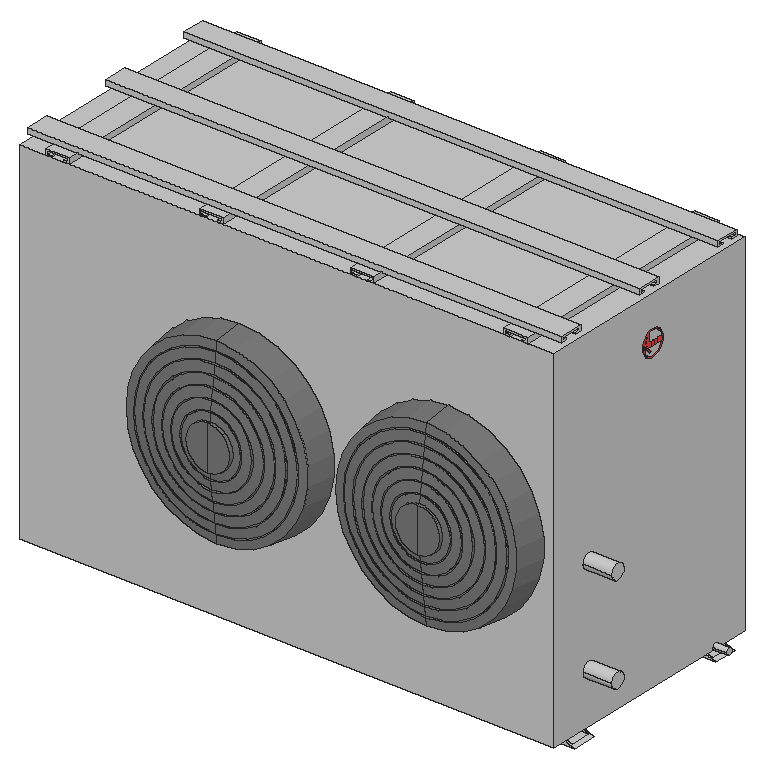
Revit family "Heat-Pump-Rheem-A2W-40kW-Horizontal", category Mechanical Equipment, Revit 2023
Family settings
  Round Connector Dimension = Use Radius
  Part Type = Normal
  OmniClass Number = 23.75.10.21
  OmniClass Title = Heat Pumps
  Work Plane-Based = No
  Always vertical = Yes
  Cut with Voids When Loaded = No
  Maintain Annotation Orientation = No
  Shared = No
  Room Calculation Point = No
Parameters (values of type "953040HS")
  calcTopSupport = if(Show Top Supports, 37 mm, 0 mm)  # 37 mm
  calcFanGuardDepth = 133 mm  # constant formula
  Width_ANZRS = if(Show Fan Frame, 681 mm, 588 mm)  # 588 mm
  Wattage_ANZRS = 40 kW  # constant formula
  Voltage_ANZRS = 230 V
  URL = "https://www.rheem.com.au/products/commercial/commercial-heat-pumps"
  Type Comments = ""
  SupportInsetSide = 66 mm  # constant formula
  Show Top Supports = yes
  Show Fan Frame = no
  ProductCode_ANZRS = "953040HS"
  PowerFactor_ANZRS = 1
  PipeInsetSide = 147 mm  # constant formula
  OutletPipeDiameter = 50 mm  # constant formula
  calcOutletPipeRad = if(1 = 1, OutletPipeDiameter / 2, 0 mm)  # 25 mm
  Model = "Rheem Commercial Air to Water Heat Pump – 40kW Non Ducted & Stacked"
  Material_ANZRS = Rheem-Steel-Grey
  Manufacturer = "Rheem"  # constant formula
  Length_ANZRS = 1805 mm  # constant formula
  InletPipeDiameter = 50 mm  # constant formula
  calcInletPipeRadius = if(1 = 1, InletPipeDiameter / 2, 0 mm)  # 25 mm
  Height_ANZRS = 940 mm  # constant formula
  Description = "Rheem's Commercial Air to Water (A2W) Heat Pump is designed with the commercial user in mind. A truly commercial grade heat pump that delivers hot water at 65°C with a system Coefficient of Performance (COP) up to 4.0. Non ducted models are generally designed for outdoor installations. Non ducted models may be installed indoors, without ducting, if a sufficient supply of heat energy is available. Stackable models allow horizontal discharge units to be stacked two high for reduced footprint."
  Default Elevation = 0 mm
  CreatedBy_ANZRS = "Design Content"  # constant formula
  CreatedByURL_ANZRS = "https://www.designcontent.com.au/"
  BodyWidth = 807 mm  # constant formula
  Assembly Code = ""
  ApparentLoad_ANZRS = Wattage_ANZRS  # 40 kW
Types (4, lengths in mm): name | calcTopSupport | Width_ANZRS | Show Top Supports | Show Fan Frame | ProductCode_ANZRS | Model | Description
  953040H0 | 0 | 588 | no | no | "953040H0" | "Rheem Commercial Air to Water Heat Pump – 40kW Horizontal Discharge & Non Ducted" | "Rheem's Commercial Air to Water (A2W) Heat Pump is designed with the commercial user in mind. A truly commercial grade heat pump that delivers hot water at 65°C with a system Coefficient of Performance (COP) up to 4.0. Non ducted models are generally designed for outdoor installations. Non ducted models may be installed indoors, without ducting, if a sufficient supply of heat energy is available."
  953040HS | 37 | 588 | yes | no | "953040HS" | "Rheem Commercial Air to Water Heat Pump – 40kW Non Ducted & Stacked" | "Rheem's Commercial Air to Water (A2W) Heat Pump is designed with the commercial user in mind. A truly commercial grade heat pump that delivers hot water at 65°C with a system Coefficient of Performance (COP) up to 4.0. Non ducted models are generally designed for outdoor installations. Non ducted models may be installed indoors, without ducting, if a sufficient supply of heat energy is available. Stackable models allow horizontal discharge units to be stacked two high for reduced footprint."
  952040H0 | 0 | 681 | no | yes | "952040H0" | "Rheem Commercial Air to Water Heat Pump – 40kW Horizontal Discharge & Ducted" | "Rheem's Commercial Air to Water (A2W) Heat Pump is designed with the commercial user in mind. A truly commercial grade heat pump that delivers hot water at 65°C with a system Coefficient of Performance (COP) up to 4.0. Ducted models are designed to be connected to ducting to convey cold discharge air away from the heat pump air inlet if a sufficient supply of heat energy is not available in the installation area."
  952040HS | 37 | 681 | yes | yes | "952040HS" | "Rheem Commercial Air to Water Heat Pump – 40kW Ducted & Stacked" | "Rheem's Commercial Air to Water (A2W) Heat Pump is designed with the commercial user in mind. A truly commercial grade heat pump that delivers hot water at 65°C with a system Coefficient of Performance (COP) up to 4.0. Ducted models are designed to be connected to ducting to convey cold discharge air away from the heat pump air inlet if a sufficient supply of heat energy is not available in the installation area. Stackable models allow horizontal discharge units to be stacked two high for reduced footprint."
Reference planes
  plane 1 "Center (Front/Back)": y = 0
  plane 2: z = 0
  plane 3 "Center (Left/Right)": x = 0
  plane 4 "Back": y = 403.5
  plane 5 "Front": y = -403.5
  plane 6 "Left": x = -902.5
  plane 7 "Right": x = 902.5
  plane 8: z = 47
  plane 9 "HEIGHT": z = 1242
  plane 10 "Inlet": z = 222.5
  plane 11 "Outlet": z = 551.5
  plane 12: y = 401.5
  plane 13: x = 846.5
  plane 14: x = -787.5
  plane 15: y = -473.5
  plane 16: x = 1002.5
  plane 17 "Pipe Connectors": y = -256.5
  plane 18: x = -550.5
  plane 19: y = -337.5
  plane 20: y = 337.5
  plane 21 "CompAccess1": y = 227.5
  plane 22 "CompAccess2": y = -330.5
  plane 23: x = 549.5
  plane 24: x = -160.5
  plane 25: z = 23.5
  plane 26: x = 952.5
  plane 27: z = 1279
  plane 28: x = 922.5
Forms (mm)
  Extrusion 1, solid, material "Rheem-Steel-Grey" <- "Material_ANZRS", detail levels medium+fine
    sketch origin (0, 0, 0) x (1, 0, 0) y (0, 1, 0)
      loop
        line (-902.5, 401.5) -> (-902.5, -403.5) -> (902.5, -403.5) -> (902.5, 401.5) -> (-902.5, 401.5)
    from 47 to 1242
  Extrusion 2, solid, material "Rheem-Steel-Grey" <- "Material_ANZRS", detail levels medium+fine
    sketch origin (0, 0, 0) x (1, 0, 0) y (0, 0, 1)
      loop
        line (-902.5, 1242) -> (-902.5, 47) -> (-14.281, 47) -> (902.5, 47) -> (902.5, 1242) -> (-902.5, 1242)
      loop
        line (-787.5, 67) -> (19.5, 67) -> (19.5, 611) -> (-787.5, 611) -> (-787.5, 67)
      loop
        line (-787.5, 1222) -> (-787.5, 631) -> (19.5, 631) -> (19.5, 1222) -> (-787.5, 1222)
      loop
        line (846.5, 1222) -> (39.5, 1222) -> (39.5, 631) -> (846.5, 631) -> (846.5, 1222)
      loop
        line (39.5, 67) -> (846.5, 67) -> (846.5, 611) -> (39.5, 611) -> (39.5, 67)
    from -403.5 to -401.5
  Extrusion 3, solid, material "Rheem-Steel-Grey" <- "Material_ANZRS"
    sketch origin (0, 111.908, 381.979) x (0, -1, 0) y (0, 0, 1)
      loop
        circle (368.408, -159.479) r 25
      loop
        circle (368.408, 169.521) r 25
    from -902.5 to -1002.5
  Extrusion 4, solid, material "Rheem-Steel-Grey" <- "Material_ANZRS", visible <- "Show Fan Frame"
    sketch origin (0, -403.5, 0) x (-1, 0, 0) y (0, 0, -1)
      loop
        line (550.5, -1003.5) -> (550.5, -279.5) -> (-902.5, -279.5) -> (-902.5, -1003.5) -> (550.5, -1003.5)
      loop
        line (545.5, -998.5) -> (545.5, -284.5) -> (-897.5, -284.5) -> (-897.5, -998.5) -> (545.5, -998.5)
    from 0 to 70
  Extrusion 5, solid, material "Rheem-Steel-Grey" <- "Material_ANZRS", detail levels medium+fine
    sketch origin (0, 0, 0) x (1, 0, 0) y (0, 0, 1)
      loop
        line (-902.5, 5) -> (-927.5, 5) -> (-927.5, 0) -> (-897.5, 0) -> (-897.5, 18.5) -> (-827.5, 18.5) -> (-827.5, 0) -> (-797.5, 0) -> (-797.5, 5) -> (-822.5, 5) -> (-822.5, 23.5) -> (-902.5, 23.5) -> (-902.5, 5)
    from -337.5 to 337.5
  Extrusion 6, solid, material "Rheem-Steel-Grey-Perforated", detail levels medium+fine
    sketch origin (-575, 357.5, 0) x (1, 0, 0) y (0, 0, -1)
      loop
        line (1421.5, -1222) -> (1421.5, -631) -> (614.5, -631) -> (614.5, -1222) -> (1421.5, -1222)
      loop
        line (1421.5, -67) -> (614.5, -67) -> (614.5, -611) -> (1421.5, -611) -> (1421.5, -67)
      loop
        line (-212.5, -611) -> (594.5, -611) -> (594.5, -67) -> (-212.5, -67) -> (-212.5, -611)
      loop
        line (594.5, -1222) -> (594.5, -631) -> (-212.5, -631) -> (-212.5, -1222) -> (594.5, -1222)
    from 44 to 46
  Extrusion 7, solid, material "Rheem-Steel-Grey" <- "Material_ANZRS"
    sketch origin (902.5, 0, 0) x (0, -1, 0) y (0, 0, -1)
      loop
        circle (-277.5, -57) r 10
    from 0 to 50
  Extrusion 8, solid, detail levels medium+fine
    sketch origin (-902.5, 0, 425) x (0, -1, 0) y (0, 0, 1)
      loop
        circle (367, 725) r 15
      loop
        circle (367.008, 675) r 15
      loop
        circle (367.008, 625) r 15
      loop
        circle (367.008, 575) r 15
    from 0 to 5
  Extrusion 9, solid, material "Rheem-Steel-Grey" <- "Material_ANZRS", detail levels coarse
    sketch origin (0, 0, 1242) x (-1, 0, 0) y (0, -1, 0)
      loop
        line (902.5, -403.5) -> (902.5, 403.5) -> (-902.5, 403.5) -> (-902.5, -403.5) -> (902.5, -403.5)
    from -1242 to 37
  Extrusion 10, solid, material "Rheem-Steel-Grey" <- "Material_ANZRS", detail levels medium+fine
    sketch origin (0, 0, 0) x (0, 1, 0) y (0, 0, 1)
      loop
        line (362.5, 47) -> (332.5, 47) -> (332.5, 28.5) -> (262.481, 28.5) -> (262.481, 47) -> (232.395, 47) -> (232.395, 42) -> (257.395, 42) -> (257.395, 23.5) -> (337.5, 23.5) -> (337.5, 42) -> (362.5, 42) -> (362.5, 47)
      loop
        line (-232.395, 47) -> (-262.395, 47) -> (-262.395, 28.5) -> (-332.414, 28.5) -> (-332.414, 47) -> (-362.5, 47) -> (-362.5, 42) -> (-337.5, 42) -> (-337.5, 23.5) -> (-257.395, 23.5) -> (-257.395, 42) -> (-232.395, 42) -> (-232.395, 47)
    from -902.5 to 922.5
  Extrusion 11, void
    sketch origin (0, 0, 0) x (-1, 0, 0) y (0, 0, -1)
      loop
        line (-922.5, -23.5) -> (-922.5, -47) -> (-859.96, -47) -> (-922.5, -23.5)
    from -362.5 to 362.5
  Extrusion 12, solid, material "Rheem-Steel-Grey" <- "Material_ANZRS", visible <- "Show Top Supports", detail levels medium+fine
    sketch origin (0, 0, 0) x (1, 0, 0) y (0, 0, 1)
      loop
        line (-815.141, 1242) -> (-795.141, 1242) -> (-795.141, 1247) -> (-810.141, 1247) -> (-810.141, 1255.5) -> (-740.141, 1255.5) -> (-740.141, 1247) -> (-755.141, 1247) -> (-755.141, 1242) -> (-735.141, 1242) -> (-735.141, 1260.5) -> (-815.141, 1260.5) -> (-815.141, 1242)
      loop
        line (735.141, 1242) -> (755.141, 1242) -> (755.141, 1247) -> (740.141, 1247) -> (740.141, 1255.5) -> (810.141, 1255.5) -> (810.141, 1247) -> (795.141, 1247) -> (795.141, 1242) -> (815.141, 1242) -> (815.141, 1260.5) -> (735.141, 1260.5) -> (735.141, 1242)
      loop
        line (-215.141, 1242) -> (-215.141, 1260.5) -> (-295.141, 1260.5) -> (-295.141, 1242) -> (-275.141, 1242) -> (-275.141, 1247) -> (-290.141, 1247) -> (-290.141, 1255.5) -> (-220.141, 1255.5) -> (-220.141, 1247) -> (-235.141, 1247) -> (-235.141, 1242) -> (-215.141, 1242)
      loop
        line (215.141, 1242) -> (235.141, 1242) -> (235.141, 1247) -> (220.141, 1247) -> (220.141, 1255.5) -> (290.141, 1255.5) -> (290.141, 1247) -> (275.141, 1247) -> (275.141, 1242) -> (295.141, 1242) -> (295.141, 1260.5) -> (215.141, 1260.5) -> (215.141, 1242)
    from -403.5 to 403.5
  Extrusion 13, solid, material "Rheem-Steel-Grey" <- "Material_ANZRS", visible <- "Show Top Supports", detail levels medium+fine
    sketch origin (23.5, 184.859, 18.5) x (0, -1, 0) y (0, 0, 1)
      loop
        line (475.134, 1242) -> (495.134, 1242) -> (495.134, 1247) -> (480.134, 1247) -> (480.134, 1255.5) -> (550.134, 1255.5) -> (550.134, 1247) -> (535.134, 1247) -> (535.134, 1242) -> (555.134, 1242) -> (555.134, 1260.5) -> (475.134, 1260.5) -> (475.134, 1242)
      loop
        line (-105.417, 1242) -> (-105.417, 1260.5) -> (-185.417, 1260.5) -> (-185.417, 1242) -> (-165.417, 1242) -> (-165.417, 1247) -> (-180.417, 1247) -> (-180.417, 1255.5) -> (-110.417, 1255.5) -> (-110.417, 1247) -> (-125.417, 1247) -> (-125.417, 1242) -> (-105.417, 1242)
      loop
        line (224.859, 1242) -> (224.859, 1260.5) -> (144.859, 1260.5) -> (144.859, 1242) -> (164.859, 1242) -> (164.859, 1247) -> (149.859, 1247) -> (149.859, 1255.5) -> (219.859, 1255.5) -> (219.859, 1247) -> (204.859, 1247) -> (204.859, 1242) -> (224.859, 1242)
    from -879 to 926
Cuts and joins
  Extrusion 11 cuts Extrusion 1
  Extrusion 11 cuts Extrusion 2
  joined: Extrusion 1, Extrusion 2
  Extrusion 11 cuts Extrusion 9
  Extrusion 11 cuts Extrusion 10
Lines and regions (mm)
  Split face 1
    outline origin (-902.5, 401.5, 1242) x (0, 1, 0) y (0, 0, -1)
      loop
        line (-174, 1) -> (-174, 1194) -> (-732, 1194) -> (-732, 1) -> (-174, 1)
  Split face 2
    outline origin (902.5, 401.5, 47) x (0, 1, 0) y (0, 0, 1)
      loop
        line (-601, 1194) -> (-601, 1) -> (-173, 1) -> (-173, 1194) -> (-601, 1194)
  model lines, detail levels medium+fine
    curve 1: line (702.5, 303.5, 1242) -> (-702.5, 303.5, 1242)
    curve 2: line (802.5, -203.5, 1242) -> (802.5, 203.5, 1242)
    curve 3: line (-702.5, -303.5, 1242) -> (702.5, -303.5, 1242)
    curve 4: line (-802.5, 203.5, 1242) -> (-802.5, -203.5, 1242)
    curve 5: arc (-702.5, 303.5, 1242) -> (-773.211, 274.211, 1242) -> (-802.5, 203.5, 1242) r 100
    curve 6: arc (-802.5, -203.5, 1242) -> (-773.211, -274.211, 1242) -> (-702.5, -303.5, 1242) r 100
    curve 7: arc (802.5, -203.5, 1242) -> (773.211, -274.211, 1242) -> (702.5, -303.5, 1242) r 100
    curve 8: arc (802.5, 203.5, 1242) -> (773.211, 274.211, 1242) -> (702.5, 303.5, 1242) r 100
Dimensions and locks
  equal spacing: plane 6 "Left", plane 3 "Center (Left/Right)", plane 7 "Right"
  equal spacing: plane 4 "Back", plane 1 "Center (Front/Back)", plane 5 "Front"
  "BodyWidth": plane 4 "Back" to plane 5 "Front"
  "Length_ANZRS": plane 6 "Left" to plane 7 "Right"
  locked: plane 10 "Inlet" to plane 25 at 199
  locked: plane 11 "Outlet" to plane 10 "Inlet" at 329
  locked: plane 4 "Back" to plane 12 at 2
  locked: plane 8 to Extrusion 2 sketch curve at 20
  locked: Extrusion 2 sketch curve to plane 9 "HEIGHT" at 20
  locked: plane 16 to plane 7 "Right" at 100
  locked: plane 18 to plane 7 "Right" at 1453
  locked: plane 15 to plane 5 "Front" at 70
  locked: Extrusion 4 sketch curve to Extrusion 4 sketch curve at 5  (x2)
  locked: plane 7 "Right" to Extrusion 4 sketch curve at 5
  locked: Extrusion 4 sketch curve to plane 18 at 5
  locked: Extrusion 4 sketch curve to plane 25 at 256
  "PipeInsetSide": plane 5 "Front" to plane 17 "Pipe Connectors"
  Extrusion 5 sketch curve to plane 6 "Left" to Extrusion 5 sketch curve to Extrusion 5 sketch curve to Extrusion 5 sketch curve to Extrusion 5 sketch curve = 25 mm locked, 5 mm locked, 70 mm locked, 5 mm locked, 25 mm locked
  Extrusion 5 sketch curve to Extrusion 5 sketch curve to plane 2 = 0 mm locked, 5 mm locked
  "SupportInsetSide": plane 5 "Front" to plane 19
  "SupportInsetSide": plane 20 to plane 4 "Back"
  locked: plane 9 "HEIGHT" to Split face 1 sketch curve at 1
  locked: Split face 1 sketch curve to plane 8 at 1
  locked: plane 13 to plane 7 "Right" at 56
  locked: plane 6 "Left" to plane 14 at 115
  locked: plane 9 "HEIGHT" to plane 8 at 1195
  locked: plane 24 to plane 23 at 710
  locked: plane 7 "Right" to plane 23 at 353
  equal spacing: plane 8, plane 25, plane 2
  locked: plane 25 to Extrusion 5 sketch curve at 5
  locked: plane 5 "Front" to Split face 2 sketch curve at 204
  Split face 2 sketch curve to plane 4 "Back" = 175 mm
  locked: plane 9 "HEIGHT" to Split face 2 sketch curve at 1
  locked: Split face 2 sketch curve to plane 8 at 1
  locked: Extrusion 7 sketch curve to plane 8 at 10
  equal spacing: plane 16, plane 26, plane 7 "Right"
  equal spacing: plane 22 "CompAccess2", Extrusion 8 sketch curve, plane 5 "Front"
  locked: plane 9 "HEIGHT" to nested 1 at 150
  locked: plane 8 to Extrusion 10 sketch curve at 5  (x2)
  locked: Extrusion 10 sketch curve to plane 25 at 5  (x2)
  Extrusion 10 sketch curve to plane 20 to Extrusion 10 sketch curve to Extrusion 10 sketch curve to Extrusion 10 sketch curve to Extrusion 10 sketch curve = 25 mm locked, 5 mm locked, 70.019 mm locked, 5.086 mm locked, 25 mm locked
  locked: plane 6 "Left" to plane 28 at 1825
  locked: plane 4 "Back" to Extrusion 7 sketch curve at 126
  locked: plane 22 "CompAccess2" to plane 5 "Front" at 73
  locked: plane 21 "CompAccess1" to plane 22 "CompAccess2" at 558
  equal spacing: plane 21 "CompAccess1", nested 1, plane 22 "CompAccess2"
  Extrusion 10 sketch curve to Extrusion 10 sketch curve to Extrusion 10 sketch curve to Extrusion 10 sketch curve to Extrusion 10 sketch curve to Extrusion 10 sketch curve = 25 mm locked, 5 mm locked, 70.019 mm locked, 5.086 mm locked, 25 mm locked
  locked: Extrusion 4 sketch curve to Extrusion 4 sketch curve at 724
  equal spacing: Extrusion 4, nested 2, Extrusion 4
  plane 9 "HEIGHT" to nested 4 = 150 mm
  equal spacing: Split face 2, nested 4, Split face 2
  locked: plane 8 to plane 2 at 47
  "calcTopSupport": plane 27 to plane 9 "HEIGHT"
  locked: Extrusion 12 sketch curve to plane 9 "HEIGHT" at 18.5  (x4)
  Extrusion 12 sketch curve to Extrusion 12 sketch curve to plane 9 "HEIGHT" = 8.5 mm locked, 5 mm locked  (x4)
  Extrusion 13 sketch curve to Extrusion 13 sketch curve to Extrusion 13 sketch curve to Extrusion 13 sketch curve to plane 9 "HEIGHT" = 5 mm locked, 8.5 mm locked, 5 mm locked, 18.5 mm locked  (x2)
  Extrusion 13 sketch curve to Extrusion 13 sketch curve to Extrusion 13 sketch curve to Extrusion 13 sketch curve to plane 9 "HEIGHT" = 5 mm locked, 8.5 mm locked, 5 mm locked, 18.5 mm
  "calcOutletPipeRad": radius of Extrusion 3 sketch curve
  "calcInletPipeRadius": radius of Extrusion 3 sketch curve
  radius of Extrusion 7 sketch curve = 10 mm
  aligned and locked: level to plane 2
  aligned and locked: Extrusion 1 sketch curve to plane 6 "Left"
  aligned and locked: Extrusion 1 sketch curve to plane 7 "Right"
  aligned and locked: plane 9 "HEIGHT" to Extrusion 1
  aligned and locked: Extrusion 1 to plane 8
  aligned and locked: plane 5 "Front" to Extrusion 1
  aligned and locked: Extrusion 1 sketch curve to plane 12
  aligned and locked: cut or joined group of Extrusion 1, Extrusion 2, Extrusion 11 to plane 12
  aligned and locked: plane 4 "Back" to cut or joined group of Extrusion 1, Extrusion 2, Extrusion 11
  aligned and locked: Extrusion 2 sketch curve to plane 13
  aligned and locked: plane 14 to Extrusion 2 sketch curve
  aligned and locked: plane 18 to Extrusion 4 sketch curve
  aligned and locked: Extrusion 4 sketch curve to plane 7 "Right"
  aligned and locked: Extrusion 3 to plane 7 "Right"
  aligned and locked: Extrusion 4 to plane 15
  aligned and locked: Extrusion 4 to plane 5 "Front"
  aligned and locked: Extrusion 5 sketch curve to plane 6 "Left"
  aligned and locked: plane 2 to Extrusion 5 sketch curve  (x2)
  aligned and locked: Extrusion 5 to plane 19
  aligned and locked: plane 20 to Extrusion 5
  aligned and locked: Split face 1 sketch curve to plane 22 "CompAccess2"
  aligned and locked: Split face 1 sketch curve to plane 21 "CompAccess1"
  aligned and locked: plane 11 "Outlet" to Extrusion 3 sketch curve
  aligned and locked: plane 17 "Pipe Connectors" to Extrusion 3 sketch curve  (x2)
  aligned and locked: plane 10 "Inlet" to Extrusion 3 sketch curve
  aligned and locked: Extrusion 6 to plane 13
  aligned and locked: plane 14 to Extrusion 6
  aligned and locked: Extrusion 6 to plane 12
  aligned and locked: plane 4 "Back" to Extrusion 6
  aligned and locked: cut or joined group of Extrusion 1, Extrusion 2, Extrusion 11 to Extrusion 6
  aligned and locked: plane 24 to nested 2
  aligned and locked: nested 3 to plane 23
  aligned and locked: Extrusion 5 sketch curve to plane 25
  aligned and locked: Extrusion 7 to cut or joined group of Extrusion 1, Extrusion 2, Extrusion 11
  aligned and locked: plane 26 to Extrusion 7
  aligned and locked: Extrusion 8 to cut or joined group of Extrusion 1, Extrusion 2, Extrusion 11
  aligned and locked: Extrusion 9 sketch curve to plane 4 "Back"
  aligned and locked: Extrusion 9 sketch curve to plane 5 "Front"
  aligned and locked: Extrusion 9 sketch curve to plane 7 "Right"
  aligned and locked: Extrusion 9 sketch curve to plane 6 "Left"
  aligned and locked: Extrusion 9 to plane 2
  aligned and locked: plane 27 to Extrusion 9
  aligned and locked: Extrusion 10 sketch curve to plane 25  (x2)
  aligned and locked: plane 6 "Left" to Extrusion 10
  aligned and locked: Extrusion 2 sketch curve to Extrusion 6  (x2)
  aligned and locked: plane 16 to Extrusion 3
  aligned and locked: nested 3 to nested 2
  aligned and locked: Extrusion 11 sketch curve to plane 28
  aligned and locked: plane 5 "Front" to Extrusion 12
  aligned and locked: plane 4 "Back" to Extrusion 12
  aligned and locked: Extrusion 12 sketch curve to Extrusion 12 sketch curve  (x8)
  aligned and locked: Extrusion 13 sketch curve to Extrusion 13 sketch curve  (x6)
  aligned and locked: plane 6 "Left" to Extrusion 13
  aligned and locked: plane 7 "Right" to Extrusion 13
Automatic sketch dimensions
  plane 5 "Front" to Extrusion 1 sketch curve = 0 mm
  plane 6 "Left" to Extrusion 2 sketch curve = 0 mm
  plane 14 to Extrusion 2 sketch curve = 0 mm
  Extrusion 2 sketch curve to plane 8 = 0 mm
  plane 13 to Extrusion 2 sketch curve = 0 mm
  Extrusion 2 sketch curve to plane 7 "Right" = 0 mm
  Extrusion 2 sketch curve to plane 9 "HEIGHT" = 0 mm
  Extrusion 2 sketch curve to plane 3 "Center (Left/Right)" = 14.281 mm
  plane 3 "Center (Left/Right)" to Extrusion 2 sketch curve = 19.5 mm
  Extrusion 2 sketch curve to Extrusion 2 sketch curve = 20 mm  (x2)
  plane 8 to Extrusion 2 sketch curve = 20 mm
  plane 11 "Outlet" to Extrusion 2 sketch curve = 59.5 mm  (x2)
  Extrusion 2 sketch curve to Extrusion 2 sketch curve = 0 mm
  Extrusion 2 sketch curve to plane 9 "HEIGHT" = 20 mm
  curve 4 to Extrusion 2 = 100 mm
  curve 4 to curve 3 = 100 mm
  curve 5 to curve 1 = 100 mm
  curve 3 to Extrusion 2 = 200 mm
  curve 1 to Extrusion 2 = 98 mm
  curve 1 to Extrusion 2 = 200 mm
  curve 7 to curve 2 = 100 mm
  curve 7 to curve 8 = 407 mm
  plane 14 to Extrusion 6 sketch curve = 0 mm  (x2)
  plane 13 to Extrusion 6 sketch curve = 0 mm  (x2)
  plane 3 "Center (Left/Right)" to Extrusion 6 sketch curve = 19.5 mm  (x2)
  Extrusion 6 sketch curve to Extrusion 6 sketch curve = 20 mm  (x3)
  Extrusion 6 sketch curve to plane 9 "HEIGHT" = 20 mm  (x2)
  plane 11 "Outlet" to Extrusion 6 sketch curve = 79.5 mm  (x2)
  Extrusion 6 sketch curve to Extrusion 6 sketch curve = 0 mm  (x2)
  plane 8 to Extrusion 6 sketch curve = 20 mm
  Extrusion 8 sketch curve to plane 19 = 29.508 mm  (x3)
  Extrusion 8 sketch curve to plane 9 "HEIGHT" = 242 mm
  Extrusion 8 sketch curve to Extrusion 8 sketch curve = 50 mm  (x3)
  Extrusion 10 sketch curve to plane 8 = 0 mm  (x4)
  Extrusion 10 sketch curve to plane 19 = 0 mm
  Extrusion 10 sketch curve to plane 20 = 0 mm
  Extrusion 10 sketch curve to plane 8 = 5 mm  (x2)
  Extrusion 11 sketch curve to plane 8 = 0 mm
  Extrusion 11 sketch curve to plane 25 = 0 mm
  Extrusion 11 sketch curve to plane 13 = 13.46 mm
  Extrusion 12 sketch curve to plane 9 "HEIGHT" = 0 mm  (x4)
  plane 14 to Extrusion 12 sketch curve = 27.641 mm
  Extrusion 12 sketch curve to Extrusion 12 sketch curve = 5 mm  (x8)
  plane 14 to Extrusion 12 sketch curve = 7.641 mm
  Extrusion 12 sketch curve to plane 14 = 32.359 mm
  Extrusion 12 sketch curve to Extrusion 12 sketch curve = 15 mm  (x7)
  plane 24 to Extrusion 12 sketch curve = 134.641 mm
  Extrusion 12 sketch curve to Extrusion 12 sketch curve = 40 mm  (x3)
  plane 3 "Center (Left/Right)" to Extrusion 12 sketch curve = 215.141 mm
  plane 13 to Extrusion 12 sketch curve = 111.359 mm
  Extrusion 13 sketch curve to plane 12 = 31.224 mm
  Extrusion 13 sketch curve to Extrusion 13 sketch curve = 5 mm  (x6)
  plane 20 to Extrusion 13 sketch curve = 12.776 mm
  Extrusion 13 sketch curve to plane 20 = 27.224 mm
  Extrusion 13 sketch curve to Extrusion 13 sketch curve = 15 mm  (x5)
  Extrusion 13 sketch curve to plane 1 "Center (Front/Back)" = 40 mm
  plane 1 "Center (Front/Back)" to Extrusion 13 sketch curve = 20 mm
  plane 17 "Pipe Connectors" to Extrusion 13 sketch curve = 33.776 mm
  Extrusion 13 sketch curve to plane 19 = 12.776 mm
  radius of Extrusion 8 sketch curve = 15 mm  (x4)
Nested families
  nested 1: "X_Rheem Logo" at (-902.5, -51.5, 1092) x (0, -1, 0) z (-1, 0, 0), type "Standard", detail levels fine
  nested 2: "X_Rheem_FanGuard" at (-160.5, -403.5, 641.5) x (-1, 0, 0) z (0, -1, 0), type "Standard"
    with FanGuardRad 320 mm, FanGuardHead 10 mm, FanGuardDepth 133 mm
  nested 3: "X_Rheem_FanGuard" at (549.5, -403.5, 641.5) x (-1, 0, 0) z (0, -1, 0), type "Standard"
    with FanGuardRad 320 mm, FanGuardHead 10 mm, FanGuardDepth 133 mm
  nested 4: "X_Rheem Logo" at (902.5, 14.5, 1092) x (0, 1, 0) z (1, 0, 0), type "Standard", detail levels fine
Connectors
  piping at (1002.5, -256.5, 222.5), diameter 50, driven by "calcInletPipeRadius"
    settings: on Extrusion 3, index 9, connector inside diameter 20 mm, connector length 0 mm, flow factor 0, pipe flow 0.0 L/s, pressure drop 0.0 Pa, fitting loss kfactor 0, connector angle 0.00°, fixture units 0, engagement length 0 mm, angle of deflection 0.00°, flow configuration 1, flow direction 1, fitting loss method 0, system type 20, joint type 0, gender type 0, connector reference index -1, connector utility 0, adjustable connector no, is connector primary yes, connector description "Water In"
  piping at (1002.5, -256.5, 222.5), diameter 50, driven by "calcOutletPipeRad"
    settings: on Extrusion 3, index 10, connector inside diameter 20 mm, connector length 0 mm, flow factor 0, pipe flow 0.0 L/s, pressure drop 0.0 Pa, fitting loss kfactor 0, connector angle 0.00°, fixture units 0, engagement length 0 mm, angle of deflection 0.00°, flow configuration 1, flow direction 1, fitting loss method 0, system type 20, joint type 0, gender type 0, connector reference index -1, connector utility 0, adjustable connector no, is connector primary no, connector description "Water In"
  piping at (952.5, 277.5, 57), diameter 20
    settings: on Extrusion 7, index 11, connector inside diameter 609.6 mm, connector length 0 mm, flow factor 0, pipe flow 0.0 L/s, pressure drop 0.0 Pa, fitting loss kfactor 0, connector angle 0.00°, fixture units 0, engagement length 0 mm, angle of deflection 0.00°, flow configuration 1, flow direction 2, fitting loss method 0, system type 16, joint type 0, gender type 0, connector reference index -1, connector utility 0, adjustable connector no, is connector primary no, connector description ""
  electrical at (-902.5, -367, 1150), driven by "Voltage_ANZRS", driven by "ApparentLoad_ANZRS", driven by "PowerFactor_ANZRS"
    settings: on Extrusion 8, index 12, voltage 230 V, apparent load 40 kW, apparent load phase1 0 kW, apparent load phase2 0 kW, apparent load phase3 0 kW, power factor 1, load classification "Power", number of poles 1, system type 30, power factor state 1, is connector primary yes, connector utility no, sub classification motor no, connector description ""
  electrical at (-902.5, -367.008, 1100), driven by "Voltage_ANZRS", driven by "ApparentLoad_ANZRS", driven by "PowerFactor_ANZRS"
    settings: on Extrusion 8, index 13, voltage 230 V, apparent load 40 kW, apparent load phase1 0 kW, apparent load phase2 0 kW, apparent load phase3 0 kW, power factor 1, load classification "Power", number of poles 1, system type 30, power factor state 1, is connector primary no, connector utility no, sub classification motor no, connector description ""
  electrical at (-902.5, -367.008, 1050), driven by "Voltage_ANZRS", driven by "ApparentLoad_ANZRS", driven by "PowerFactor_ANZRS"
    settings: on Extrusion 8, index 14, voltage 230 V, apparent load 40 kW, apparent load phase1 0 kW, apparent load phase2 0 kW, apparent load phase3 0 kW, power factor 1, load classification "Power", number of poles 1, system type 30, power factor state 1, is connector primary no, connector utility no, sub classification motor no, connector description ""
  electrical at (-902.5, -367.008, 1000), driven by "Voltage_ANZRS", driven by "ApparentLoad_ANZRS", driven by "PowerFactor_ANZRS"
    settings: on Extrusion 8, index 15, voltage 230 V, apparent load 40 kW, apparent load phase1 0 kW, apparent load phase2 0 kW, apparent load phase3 0 kW, power factor 1, load classification "Power", number of poles 1, system type 30, power factor state 1, is connector primary no, connector utility no, sub classification motor no, connector description ""
  piping at (1002.5, -256.5, 551.5), diameter 50, driven by "calcInletPipeRadius"
    settings: on Extrusion 3, index 16, connector inside diameter 609.6 mm, connector length 0 mm, flow factor 0, pipe flow 0.0 L/s, pressure drop 0.0 Pa, fitting loss kfactor 0, connector angle 0.00°, fixture units 0, engagement length 0 mm, angle of deflection 0.00°, flow configuration 1, flow direction 2, fitting loss method 0, system type 19, joint type 0, gender type 0, connector reference index -1, connector utility 0, adjustable connector no, is connector primary no, connector description "Water Out"
Definition of nested family "X_Rheem Logo"
  Parameters (values of type "Standard")
    Default Elevation = 1219.2 mm
    Assembly Code = ""
  Reference planes
    plane 1 "Center (Front/Back)": y = 0
    plane 2: z = 0
    plane 3 "Center (Left/Right)": x = 0
  Forms (mm)
    Extrusion 1, solid
      sketch origin (0, 0, 0) x (1, 0, 0) y (0, 1, 0)
        loop
          line (-1219.2, 1219.2) -> (-1219.2, -1219.2) -> (1219.2, -1219.2) -> (1219.2, 1219.2) -> (-1219.2, 1219.2)
      from 0 to -304.8
    Extrusion 2, solid
      sketch origin (0, 0, 0) x (1, 0, 0) y (0, 1, 0)
        loop
          arc (-33.529, -21.813) -> (38.36, -11.338) -> (-16.283, 36.536) r 40
          line (-16.283, 36.536) -> (-16.283, 5.397)
          arc (-16.283, 5.397) -> (-14.75, 6.901) -> (-12.662, 7.405) r 4.033
          arc (-12.662, 7.405) -> (-9.852, 6.403) -> (-8.561, 3.712) r 3.918
          line (-8.561, 3.712) -> (-8.561, -8.033) -> (-11.525, -8.033) -> (-11.525, 1.806)
          arc (-11.525, 1.806) -> (-12.858, 4.057) -> (-15.428, 3.572) r 2.279
          arc (-15.428, 3.572) -> (-15.988, 2.759) -> (-16.246, 1.806) r 2.925
          line (-16.246, 1.806) -> (-16.246, -8.079) -> (-19.645, -8.079) -> (-19.645, 34.843)
          arc (-19.645, 34.843) -> (-26.644, 29.834) -> (-32.41, 23.444) r 40
          arc (-32.41, 23.444) -> (-21.103, 13.87) -> (-28.782, 1.2) r 11.411
          line (-28.782, 1.2) -> (-7.321, -24.919) -> (-11.462, -24.919) -> (-31.83, -0.131) -> (-31.83, -21.813) -> (-33.529, -21.813)
        loop
          line (-35.017, -19.335) -> (-35.017, 19.335)
          arc (-35.017, 19.335) -> (-40, 0) -> (-35.017, -19.335) r 40
        loop
          line (19.37, -8.097) -> (22.563, -8.097) -> (22.563, 2.258)
          spline (22.563, 2.258) -> (22.878, 3.103) -> (23.24, 3.526) -> (23.639, 3.818) -> (24.082, 3.997) -> (24.556, 4.074) -> (25.034, 4.068) -> (25.491, 3.983) -> (25.903, 3.817) -> (26.238, 3.56) -> (26.492, 3.191) -> (26.717, 2.639) -> (26.9, 1.6)
          line (26.9, 1.6) -> (26.9, -8.097) -> (29.854, -8.097) -> (29.854, 2.258)
          spline (29.854, 2.258) -> (30.181, 3.064) -> (30.553, 3.474) -> (30.969, 3.74) -> (31.419, 3.936) -> (31.889, 4.059) -> (32.364, 4.078) -> (32.821, 3.995) -> (33.233, 3.826) -> (33.568, 3.567) -> (33.822, 3.195) -> (34.048, 2.639) -> (34.231, 1.594)
          line (34.231, 1.594) -> (34.231, -8.097) -> (37.174, -8.097) -> (37.174, 3.718)
          spline (37.174, 3.718) -> (36.65, 5.383) -> (35.957, 6.159) -> (35.415, 6.563) -> (34.941, 6.826) -> (34.394, 7.032) -> (33.695, 7.17) -> (32.91, 7.2) -> (32.152, 7.119) -> (31.53, 6.952) -> (31.006, 6.67) -> (30.429, 6.179) -> (29.566, 5.166)
          spline (29.566, 5.166) -> (28.777, 6.078) -> (28.276, 6.494) -> (27.782, 6.788) -> (27.231, 7.014) -> (26.621, 7.177) -> (26.085, 7.261) -> (25.622, 7.26) -> (25.015, 7.185) -> (24.376, 7.012) -> (23.849, 6.722) -> (23.308, 6.304) -> (22.552, 5.275)
          line (22.552, 5.275) -> (22.552, 6.926) -> (19.37, 6.926) -> (19.37, -8.097)
        loop
          line (-4.051, 1.414) -> (2.029, 1.414)
          spline (2.029, 1.414) -> (1.473, 2.786) -> (1.087, 3.377) -> (0.673, 3.834) -> (0.205, 4.224) -> (-0.271, 4.485) -> (-0.868, 4.588) -> (-1.527, 4.548) -> (-2.06, 4.356) -> (-2.438, 4.033) -> (-2.865, 3.608) -> (-3.384, 2.906) -> (-4.051, 1.414)
        loop
          line (-4.095, -1.507) -> (5.029, -1.507)
          spline (5.029, -1.507) -> (4.769, 1.886) -> (4.1, 3.692) -> (3.083, 5.302) -> (1.664, 6.502) -> (-0.127, 7.316) -> (-1.72, 7.317) -> (-3.497, 6.614) -> (-4.898, 5.44) -> (-6.016, 3.817) -> (-6.693, 1.944) -> (-6.954, 0.058) -> (-6.657, -3.194)
          spline (-6.657, -3.194) -> (-5.711, -5.424) -> (-4.777, -6.63) -> (-3.808, -7.465) -> (-2.878, -7.994) -> (-1.873, -8.306) -> (-0.773, -8.411) -> (0.288, -8.278) -> (1.264, -7.907) -> (2.23, -7.346) -> (3.148, -6.594) -> (4.02, -5.578) -> (4.876, -3.596)
          line (4.876, -3.596) -> (1.705, -3.596)
          spline (1.705, -3.596) -> (0.883, -4.78) -> (0.307, -5.189) -> (-0.248, -5.429) -> (-0.802, -5.54) -> (-1.305, -5.525) -> (-1.909, -5.294) -> (-2.514, -4.923) -> (-2.921, -4.547) -> (-3.253, -4.098) -> (-3.591, -3.486) -> (-3.885, -2.641) -> (-4.095, -1.507)
        loop
          line (8.984, 1.152) -> (15.064, 1.152)
          spline (15.064, 1.152) -> (14.509, 2.524) -> (14.123, 3.116) -> (13.708, 3.573) -> (13.241, 3.962) -> (12.764, 4.224) -> (12.168, 4.327) -> (11.508, 4.287) -> (10.975, 4.095) -> (10.598, 3.771) -> (10.171, 3.347) -> (9.652, 2.645) -> (8.984, 1.152)
        loop
          line (8.973, -1.54) -> (18.097, -1.54)
          spline (18.097, -1.54) -> (17.837, 1.853) -> (17.168, 3.659) -> (16.151, 5.269) -> (14.732, 6.469) -> (12.941, 7.283) -> (11.348, 7.285) -> (9.571, 6.581) -> (8.17, 5.407) -> (7.052, 3.785) -> (6.375, 1.911) -> (6.114, 0.026) -> (6.412, -3.226)
          spline (6.412, -3.226) -> (7.357, -5.456) -> (8.291, -6.663) -> (9.26, -7.498) -> (10.191, -8.027) -> (11.195, -8.339) -> (12.295, -8.444) -> (13.356, -8.311) -> (14.332, -7.939) -> (15.298, -7.379) -> (16.217, -6.626) -> (17.088, -5.61) -> (17.944, -3.629)
          line (17.944, -3.629) -> (14.773, -3.629)
          spline (14.773, -3.629) -> (13.951, -4.813) -> (13.375, -5.222) -> (12.82, -5.462) -> (12.266, -5.573) -> (11.763, -5.557) -> (11.159, -5.326) -> (10.555, -4.955) -> (10.147, -4.58) -> (9.816, -4.131) -> (9.477, -3.519) -> (9.183, -2.673) -> (8.973, -1.54)
        loop
          circle (0, 0) r 43
        loop
          arc (-31.817, 3.841) -> (-24.154, 12.033) -> (-31.817, 20.226) r 8.211
          line (-31.817, 20.226) -> (-31.817, 3.841)
      from 0 to 1
  Dimensions and locks
    aligned and locked: plane 2 to Extrusion 1
    aligned and locked: level to Extrusion 1
Definition of nested family "X_Rheem_FanGuard"
  Parameters (values of type "Standard")
    Material = none
    FanGuardRad = 240 mm
    FanGuardHead = 8 mm
    FanGuardDepth = 116 mm
    Default Elevation = 1219.2 mm
  Reference planes
    plane 1 "Center (Front/Back)": y = 0
    plane 2: z = 0
    plane 3 "Center (Left/Right)": x = 0
    plane 4: z = 116
    plane 5: z = 108
    plane 6: y = 240
    plane 7: z = 58
    plane 8: z = 83
  Forms (mm)
    Extrusion 1, solid
      sketch origin (0, 0, 0) x (1, 0, 0) y (0, 1, 0)
        loop
          line (-1219.2, 1219.2) -> (-1219.2, -1219.2) -> (1219.2, -1219.2) -> (1219.2, 1219.2) -> (-1219.2, 1219.2)
      from 0 to -304.8
    Revolve 2, solid, material <- "Material", detail levels fine
      sketch origin (0, 0, 0) x (0, 1, 0) y (0, 0, 1)
        loop
          line (0, 116) -> (0, 0) -> (240, 0) -> (227.216, 83) -> (75, 108) -> (75, 116) -> (0, 116)
        axis (0, 116) -> (0, 0)
      angle from 0 to 360
    Extrusion 3, void
      sketch origin (0, 0, 0) x (1, 0, 0) y (0, 1, 0)
        loop
          circle (0, 0) r 100
        loop
          circle (0, 0) r 105
        loop
          circle (0, 0) r 135
        loop
          circle (0, 0) r 140
        loop
          circle (0, 0) r 170
        loop
          circle (0, 0) r 175
        loop
          circle (0, 0) r 205
        loop
          circle (0, 0) r 210
        loop
          circle (0, 0) r 240
        loop
          circle (0, 0) r 245
        loop
          circle (0, 0) r 275
        loop
          circle (0, 0) r 280
      from 0 to 116
    Extrusion 4, solid, material <- "Material", detail levels coarse+medium
      sketch origin (0, 0, 0) x (1, 0, 0) y (0, 1, 0)
        loop
          circle (0, 0) r 240
      from 0 to 116
  Cuts and joins
    Extrusion 3 cuts Revolve 2
  Dimensions and locks
    "FanGuardRad": plane 6 to plane 1 "Center (Front/Back)"
    "FanGuardDepth": plane 4 to plane 2
    "FanGuardHead": plane 4 to plane 5
    equal spacing: plane 4, plane 7, plane 2
    equal spacing: plane 5, plane 8, plane 7
    locked: plane 6 to Revolve 2 sketch curve at 12.784
    "FanGuardRad": radius of Extrusion 4 sketch curve
    aligned and locked: plane 2 to Extrusion 1
    aligned and locked: level to Extrusion 1
    aligned and locked: Revolve 2 sketch curve to plane 1 "Center (Front/Back)"
    aligned and locked: plane 4 to Extrusion 3
    aligned and locked: Extrusion 3 to level
    aligned and locked: plane 3 "Center (Left/Right)" to Extrusion 4 sketch curve
    aligned and locked: plane 1 "Center (Front/Back)" to Extrusion 4 sketch curve
    aligned and locked: Extrusion 4 to plane 4
    aligned and locked: Extrusion 4 to level
    aligned and locked: plane 8 to Revolve 2 sketch curve
  Automatic sketch dimensions
    Extrusion 1 sketch curve to Extrusion 1 sketch curve = 2438.4 mm  (x2)
    plane 1 "Center (Front/Back)" to Extrusion 3 sketch curve = 0 mm
    Extrusion 3 sketch curve to plane 3 "Center (Left/Right)" = 0 mm
    Revolve 2 sketch curve to plane 1 "Center (Front/Back)" = 0 mm
    Revolve 2 sketch curve to plane 4 = 0 mm
    Revolve 2 sketch curve to plane 5 = 0 mm
    Revolve 2 sketch curve to level = 0 mm
    Revolve 2 sketch curve to plane 6 = 0 mm
    Revolve 2 sketch curve to Revolve 2 sketch curve = 75 mm
    Revolve 2 sketch curve to Revolve 2 sketch curve = 500 mm
    Revolve 2 sketch curve to Revolve 2 sketch curve = 100 mm
    radius of Extrusion 3 sketch curve = 100 mm
